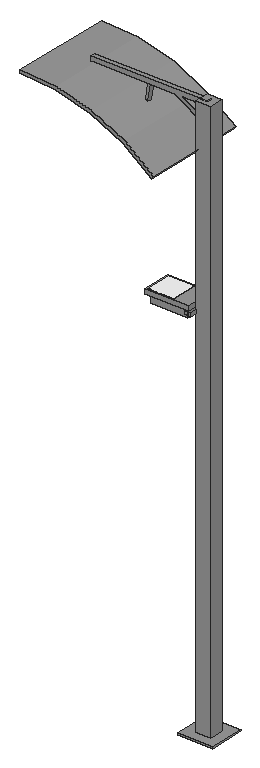
Revit family "svetilnik_alfresco_solyaris-3", category Осветительные приборы, Revit 2016 (continued)
Definition of nested family "Солярис3"
  Types (3, lengths in mm): name | Photometric Web File | built-in parameter 1150105 | Lumens | built-in parameter 1150106 | built-in parameter 1150142 | Wattage
    Солярис3-150Вт | "Солярис-3-150W.ies" | 1498.8 (stored number, unit not read) | 13500 lm | 14.988 (stored number, unit not read) | "IESNA:LM-63-2002\r\n[TEST] -/10.03.12 / АЛ\r\n[TESTLAB] ies2eulumdat.appspot.com\r\n[ISSUEDATE] Wed Mar 22 08:07:34 UTC 2017\r\n[MANUFAC] ALFRESCO\r\n[LUMCAT] -\r\n[LUMINAIRE] Солярис 3\r\n[LAMPCAT] UM 150\r\n[LAMP] UM 150\r\nTILT=NONE\r\n1\t13000\t1\t37\t24\t1\t2\t-1.000\t-1.000\t0\r\n1.0\t1.0\t150.00\r\n0\t 5\t 10\t 15\t 20\t 25\t 30\t 35\t 40\t 45\r\n50\t 55\t 60\t 65\t 70\t 75\t 80\t 85\t 90\t 95\r\n100\t 105\t 110\t 115\t 120\t 125\t 130\t 135\t 140\t 145\r\n150\t 155\t 160\t 165\t 170\t 175\t 180\r\n0\t 15\t 30\t 45\t 60\t 75\t 90\t 105\t 120\t 135\r\n150\t 165\t 180\t 195\t 210\t 225\t 240\t 255\t 270\t 285\r\n300\t 315\t 330\t 345\r\n822.887\t789.945\t812.63\t865.384\t893.074\t899.041\t894.985\t873.496\t849.862\t808.808\r\n755.573\t686.335\t603.499\t513.019\t418.964\t319.891\t221.767\t121.9894\t33.8988\t10.9815\r\n43.2094\t110.0528\t207.207\t338.754\t510.874\t730.743\t402.727\t3.1034\t5.0132\t3.5808\r\n3.3422\t3.8197\t4.7745\t5.9682\t6.6843\t6.923\t6.6843\r\n822.887\t789.594\t801.762\t871.286\t911.118\t929.643\t941.005\t933.621\t921.869\t895.57\r\n854.815\t798.096\t725.218\t643.305\t556.322\t462.176\t369.655\t272.974\t177.684\t87.4055\r\n53.1245\t107.3787\t199.433\t324.233\t488.696\t706.121\t794.976\t67.4167\t4.7904\t2.992\r\n3.2308\t3.9309\t4.8541\t5.7772\t6.923\t6.6843\t6.6843\r\n822.887\t862.719\t883.155\t971.139\t1024.868\t1059.149\t1084.473\t1087.45\t1087.71\t1071.382\r\n1038.752\t988.416\t921.791\t841.035\t753.064\t657.397\t560.742\t457.847\t355.004\t255.541\r\n180.804\t150.93\t219.128\t351.507\t526.968\t760.253\t1046.864\t492.024\t5.1784\t3.2136\r\n3.7094\t4.4622\t5.2152\t6.4455\t7.1802\t7.1802\t6.6843\r\n822.887\t865.189\t910.975\t1002.144\t1065.961\t1111.37\t1145.599\t1158.755\t1170.507\t1163.266\r\n1142.245\t1100.645\t1042.951\t972.322\t891.319\t800.371\t708.656\t607.282\t505.18\t405.73\r\n328.835\t282.373\t269.438\t362.219\t534.664\t764.023\t1049.529\t964.301\t5.6927\t3.7094\r\n3.7094\t4.9581\t5.4539\t6.1885\t7.1802\t7.1802\t6.6843\r\n822.887\t864.825\t932.763\t1032.772\t1100.684\t1150.76\t1191.918\t1211.99\t1230.606\t1232.868\r\n1217.775\t1187.043\t1137.006\t1074.333\t999.739\t912.769\t823.563\t725.426\t625.547\t527.631\r\n450.502\t401.622\t377.936\t398.411\t543.998\t771.407\t1051.687\t1282.203\t89.999\t3.7094\r\n4.4622\t4.4622\t5.1969\t6.1884\t6.6842\t6.6842\t6.6842\r\n822.887\t900.575\t984.906\t1100.333\t1167.179\t1222.455\t1267.448\t1291.355\t1313.39\t1319.63\r\n1309.49\t1283.893\t1238.393\t1178.229\t1104.961\t1017.289\t928.85\t829.881\t729.092\t629.096\r\n550.68\t499.772\t474.838\t478.439\t581.529\t811.369\t1098.019\t1440.4\t193.323\t3.5992\r\n4.1133\t4.6275\t5.1418\t6.4272\t6.6842\t6.6842\t6.6842\r\n822.887\t906.49\t990.301\t1112.163\t1177.462\t1229.904\t1275.664\t1299.831\t1326\t1332.63\r\n1326\t1301.82\t1258.192\t1199.055\t1127.074\t1042.236\t955.331\t858.676\t759.954\t659.685\r\n582.049\t531.141\t505.427\t506.974\t588.731\t813.943\t1097.759\t1443.26\t303.875\t3.5992\r\n3.5992\t4.1133\t4.6275\t6.1701\t6.6842\t6.6842\t6.6842\r\n822.887\t900.575\t984.906\t1100.333\t1167.179\t1222.455\t1267.448\t1291.355\t1313.39\t1319.63\r\n1309.49\t1283.893\t1238.393\t1178.229\t1104.961\t1017.289\t928.85\t829.881\t729.092\t629.096\r\n550.68\t499.772\t474.838\t478.439\t581.529\t811.369\t1098.019\t1440.4\t193.323\t3.5992\r\n4.1133\t4.6275\t5.1418\t6.4272\t6.6842\t6.6842\t6.6842\r\n822.887\t864.825\t932.763\t1032.772\t1100.684\t1150.76\t1191.918\t1211.99\t1230.606\t1232.868\r\n1217.775\t1187.043\t1137.006\t1074.333\t999.739\t912.769\t823.563\t725.426\t625.547\t527.631\r\n450.502\t401.622\t377.936\t398.411\t543.998\t771.407\t1051.687\t1282.203\t89.999\t3.7094\r\n4.4622\t4.4622\t5.1969\t6.1884\t6.6842\t6.6842\t6.6842\r\n822.887\t865.189\t910.975\t1002.144\t1065.961\t1111.37\t1145.599\t1158.755\t1170.507\t1163.266\r\n1142.245\t1100.645\t1042.951\t972.322\t891.319\t800.371\t708.656\t607.282\t505.18\t405.73\r\n328.835\t282.373\t269.438\t362.219\t534.664\t764.023\t1049.529\t964.301\t5.6927\t3.7094\r\n3.7094\t4.9581\t5.4539\t6.1885\t7.1802\t7.1802\t6.6843\r\n822.887\t862.719\t883.155\t971.139\t1024.868\t1059.149\t1084.473\t1087.45\t1087.71\t1071.382\r\n1038.752\t988.416\t921.791\t841.035\t753.064\t657.397\t560.742\t457.847\t355.004\t255.541\r\n180.804\t150.93\t219.128\t351.507\t526.968\t760.253\t1046.864\t492.024\t5.1784\t3.2136\r\n3.7094\t4.4622\t5.2152\t6.4455\t7.1802\t7.1802\t6.6843\r\n822.887\t789.594\t801.762\t871.286\t911.118\t929.643\t941.005\t933.621\t921.869\t895.57\r\n854.815\t798.096\t725.218\t643.305\t556.322\t462.176\t369.655\t272.974\t177.684\t87.4055\r\n53.1245\t107.3787\t199.433\t324.233\t488.696\t706.121\t794.976\t67.4167\t4.7904\t2.992\r\n3.2308\t3.9309\t4.8541\t5.7772\t6.923\t6.6843\t6.6843\r\n822.887\t789.945\t812.63\t865.384\t893.074\t899.041\t894.985\t873.496\t849.862\t808.808\r\n755.573\t686.335\t603.499\t513.019\t418.964\t319.891\t221.767\t121.9894\t33.8988\t10.9815\r\n43.2094\t110.0528\t207.207\t338.754\t510.874\t730.743\t402.727\t3.1034\t5.0132\t3.5808\r\n3.3422\t3.8197\t4.7745\t5.9682\t6.6843\t6.923\t6.6843\r\n822.887\t776.815\t795.444\t831.012\t843.661\t837.694\t817.167\t780.403\t741.481\t690.404\r\n626.184\t547.157\t459.55\t365.729\t268.567\t168.298\t71.8575\t8.833\t3.1034\t9.7878\r\n43.4486\t112.2017\t212.459\t346.866\t522.574\t546.208\t53.7134\t2.8647\t4.297\t3.8197\r\n3.1034\t3.8197\t4.7745\t5.9682\t6.9232\t6.6843\t6.6843\r\n822.887\t830.401\t837.343\t854.828\t852.514\t833.235\t798.785\t745.823\t688.493\t620.36\r\n541.437\t449.397\t351.442\t247.832\t140.881\t40.6198\t3.3422\t3.3422\t3.3422\t10.7979\r\n48.3327\t124.4334\t234.975\t381.784\t557.635\t262.223\t7.9699\t3.085\t4.1135\t4.3706\r\n3.3422\t3.8563\t5.1418\t6.4273\t6.9415\t7.1986\t6.6843\r\n822.887\t825.786\t821.405\t819.871\t801.619\t767.676\t721.656\t660.985\t594.659\t515.983\r\n428.051\t332.163\t231.374\t126.7474\t29.822\t3.3422\t3.3422\t2.828\t3.085\t10.5408\r\n49.1049\t127.0035\t238.836\t386.659\t386.412\t42.1629\t7.9699\t3.085\t3.8563\t4.1135\r\n3.085\t3.8563\t5.1419\t6.1702\t7.1986\t7.1986\t6.6843\r\n822.887\t855.543\t840.84\t823.602\t790.413\t742.313\t682.071\t610.337\t534.3\t449.176\r\n355.238\t254.02\t149.071\t43.9842\t3.4922\t2.9566\t2.4209\t2.4209\t2.678\t9.341\r\n47.0262\t130.143\t249.717\t402.298\t214.136\t9.3625\t8.0556\t3.235\t3.5135\t3.7279\r\n3.2136\t3.7492\t5.099\t6.4273\t7.4985\t7.4985\t6.6845\r\n822.887\t850.889\t829.582\t803.933\t760.266\t703.443\t634.595\t556.907\t476.008\t387.088\r\n292.526\t192.621\t90.0471\t8.5055\t3.2136\t2.3995\t2.1424\t1.8639\t2.1424\t4.5419\r\n21.1237\t69.2432\t174.135\t327.015\t103.8011\t9.1055\t9.1055\t3.2136\t3.7492\t3.235\r\n3.2136\t3.7492\t5.0775\t6.4273\t7.4985\t7.4985\t6.6845\r\n822.887\t883.454\t859.508\t829.426\t780.403\t716.352\t642.824\t559.819\t473.473\t381.004\r\n281.853\t179.361\t74.0857\t3.8992\t3.3422\t2.2281\t2.2281\t1.671\t1.671\t2.2281\r\n3.3422\t6.6845\t16.1538\t39.5486\t4.4563\t8.3555\t8.9125\t3.3422\t3.8992\t2.7851\r\n3.3422\t3.8992\t5.0133\t6.6845\t7.7984\t7.7984\t6.6845\r\n822.887\t850.889\t829.582\t803.933\t760.266\t703.443\t634.595\t556.907\t476.008\t387.088\r\n292.526\t192.621\t90.0471\t8.5055\t3.2136\t2.3995\t2.1424\t1.8639\t2.1424\t4.5419\r\n21.1237\t69.2432\t174.135\t327.015\t103.8011\t9.1055\t9.1055\t3.2136\t3.7492\t3.235\r\n3.2136\t3.7492\t5.0775\t6.4273\t7.4985\t7.4985\t6.6845\r\n822.887\t855.543\t840.84\t823.602\t790.413\t742.313\t682.071\t610.337\t534.3\t449.176\r\n355.238\t254.02\t149.071\t43.9842\t3.4922\t2.9566\t2.4209\t2.4209\t2.678\t9.341\r\n47.0262\t130.143\t249.717\t402.298\t214.136\t9.3625\t8.0556\t3.235\t3.5135\t3.7279\r\n3.2136\t3.7492\t5.099\t6.4273\t7.4985\t7.4985\t6.6845\r\n822.887\t825.786\t821.405\t819.871\t801.619\t767.676\t721.656\t660.985\t594.659\t515.983\r\n428.051\t332.163\t231.374\t126.7474\t29.822\t3.3422\t3.3422\t2.828\t3.085\t10.5408\r\n49.1049\t127.0035\t238.836\t386.659\t386.412\t42.1629\t7.9699\t3.085\t3.8563\t4.1135\r\n3.085\t3.8563\t5.1419\t6.1702\t7.1986\t7.1986\t6.6843\r\n822.887\t830.401\t837.343\t854.828\t852.514\t833.235\t798.785\t745.823\t688.493\t620.36\r\n541.437\t449.397\t351.442\t247.832\t140.881\t40.6198\t3.3422\t3.3422\t3.3422\t10.7979\r\n48.3327\t124.4334\t234.975\t381.784\t557.635\t262.223\t7.9699\t3.085\t4.1135\t4.3706\r\n3.3422\t3.8563\t5.1418\t6.4273\t6.9415\t7.1986\t6.6843\r\n822.887\t776.815\t795.444\t831.012\t843.661\t837.694\t817.167\t780.403\t741.481\t690.404\r\n626.184\t547.157\t459.55\t365.729\t268.567\t168.298\t71.8575\t8.833\t3.1034\t9.7878\r\n43.4486\t112.2017\t212.459\t346.866\t522.574\t546.208\t53.7134\t2.8647\t4.297\t3.8197\r\n3.1034\t3.8197\t4.7745\t5.9682\t6.9232\t6.6843\t6.6843" | 90.8834 W
    Солярис3-70Вт | "Солярис-3-70W.ies" | 1686.9 (stored number, unit not read) | 6300 lm | 16.869 (stored number, unit not read) | "IESNA:LM-63-2002\r\n[TEST] 10.03.12\r\n[TESTLAB] \r\n[ISSUEDATE] Wed Mar 22 08:07:34 UTC 2017\r\n[MANUFAC] ALFRESCO\r\n[LUMCAT] \r\n[LUMINAIRE] Солярис 3\r\n[LAMPCAT] UM 70W\r\n[LAMP] МГЛ UM 70W\r\nTILT=NONE\r\n1\t5390\t1\t37\t24\t1\t2\t-1.000\t-1.000\t0\r\n1.0\t1.0\t70\r\n0\t 5\t 10\t 15\t 20\t 25\t 30\t 35\t 40\t 45\r\n50\t 55\t 60\t 65\t 70\t 75\t 80\t 85\t 90\t 95\r\n100\t 105\t 110\t 115\t 120\t 125\t 130\t 135\t 140\t 145\r\n150\t 155\t 160\t 165\t 170\t 175\t 180\r\n0\t 15\t 30\t 45\t 60\t 75\t 90\t 105\t 120\t 135\r\n150\t 165\t 180\t 195\t 210\t 225\t 240\t 255\t 270\t 285\r\n300\t 315\t 330\t 345\r\n822.887\t789.945\t812.63\t865.384\t893.074\t899.041\t894.985\t873.496\t849.862\t808.808\r\n755.573\t686.335\t603.499\t513.019\t418.964\t319.891\t221.767\t121.9894\t33.8988\t10.9815\r\n43.2094\t110.0528\t207.207\t338.754\t510.874\t730.743\t402.727\t3.1034\t5.0132\t3.5808\r\n3.3422\t3.8197\t4.7745\t5.9682\t6.6843\t6.923\t6.6843\r\n822.887\t789.594\t801.762\t871.286\t911.118\t929.643\t941.005\t933.621\t921.869\t895.57\r\n854.815\t798.096\t725.218\t643.305\t556.322\t462.176\t369.655\t272.974\t177.684\t87.4055\r\n53.1245\t107.3787\t199.433\t324.233\t488.696\t706.121\t794.976\t67.4167\t4.7904\t2.992\r\n3.2308\t3.9309\t4.8541\t5.7772\t6.923\t6.6843\t6.6843\r\n822.887\t862.719\t883.155\t971.139\t1024.868\t1059.149\t1084.473\t1087.45\t1087.71\t1071.382\r\n1038.752\t988.416\t921.791\t841.035\t753.064\t657.397\t560.742\t457.847\t355.004\t255.541\r\n180.804\t150.93\t219.128\t351.507\t526.968\t760.253\t1046.864\t492.024\t5.1784\t3.2136\r\n3.7094\t4.4622\t5.2152\t6.4455\t7.1802\t7.1802\t6.6843\r\n822.887\t865.189\t910.975\t1002.144\t1065.961\t1111.37\t1145.599\t1158.755\t1170.507\t1163.266\r\n1142.245\t1100.645\t1042.951\t972.322\t891.319\t800.371\t708.656\t607.282\t505.18\t405.73\r\n328.835\t282.373\t269.438\t362.219\t534.664\t764.023\t1049.529\t964.301\t5.6927\t3.7094\r\n3.7094\t4.9581\t5.4539\t6.1885\t7.1802\t7.1802\t6.6843\r\n822.887\t864.825\t932.763\t1032.772\t1100.684\t1150.76\t1191.918\t1211.99\t1230.606\t1232.868\r\n1217.775\t1187.043\t1137.006\t1074.333\t999.739\t912.769\t823.563\t725.426\t625.547\t527.631\r\n450.502\t401.622\t377.936\t398.411\t543.998\t771.407\t1051.687\t1282.203\t89.999\t3.7094\r\n4.4622\t4.4622\t5.1969\t6.1884\t6.6842\t6.6842\t6.6842\r\n822.887\t900.575\t984.906\t1100.333\t1167.179\t1222.455\t1267.448\t1291.355\t1313.39\t1319.63\r\n1309.49\t1283.893\t1238.393\t1178.229\t1104.961\t1017.289\t928.85\t829.881\t729.092\t629.096\r\n550.68\t499.772\t474.838\t478.439\t581.529\t811.369\t1098.019\t1440.4\t193.323\t3.5992\r\n4.1133\t4.6275\t5.1418\t6.4272\t6.6842\t6.6842\t6.6842\r\n822.887\t906.49\t990.301\t1112.163\t1177.462\t1229.904\t1275.664\t1299.831\t1326\t1332.63\r\n1326\t1301.82\t1258.192\t1199.055\t1127.074\t1042.236\t955.331\t858.676\t759.954\t659.685\r\n582.049\t531.141\t505.427\t506.974\t588.731\t813.943\t1097.759\t1443.26\t303.875\t3.5992\r\n3.5992\t4.1133\t4.6275\t6.1701\t6.6842\t6.6842\t6.6842\r\n822.887\t900.575\t984.906\t1100.333\t1167.179\t1222.455\t1267.448\t1291.355\t1313.39\t1319.63\r\n1309.49\t1283.893\t1238.393\t1178.229\t1104.961\t1017.289\t928.85\t829.881\t729.092\t629.096\r\n550.68\t499.772\t474.838\t478.439\t581.529\t811.369\t1098.019\t1440.4\t193.323\t3.5992\r\n4.1133\t4.6275\t5.1418\t6.4272\t6.6842\t6.6842\t6.6842\r\n822.887\t864.825\t932.763\t1032.772\t1100.684\t1150.76\t1191.918\t1211.99\t1230.606\t1232.868\r\n1217.775\t1187.043\t1137.006\t1074.333\t999.739\t912.769\t823.563\t725.426\t625.547\t527.631\r\n450.502\t401.622\t377.936\t398.411\t543.998\t771.407\t1051.687\t1282.203\t89.999\t3.7094\r\n4.4622\t4.4622\t5.1969\t6.1884\t6.6842\t6.6842\t6.6842\r\n822.887\t865.189\t910.975\t1002.144\t1065.961\t1111.37\t1145.599\t1158.755\t1170.507\t1163.266\r\n1142.245\t1100.645\t1042.951\t972.322\t891.319\t800.371\t708.656\t607.282\t505.18\t405.73\r\n328.835\t282.373\t269.438\t362.219\t534.664\t764.023\t1049.529\t964.301\t5.6927\t3.7094\r\n3.7094\t4.9581\t5.4539\t6.1885\t7.1802\t7.1802\t6.6843\r\n822.887\t862.719\t883.155\t971.139\t1024.868\t1059.149\t1084.473\t1087.45\t1087.71\t1071.382\r\n1038.752\t988.416\t921.791\t841.035\t753.064\t657.397\t560.742\t457.847\t355.004\t255.541\r\n180.804\t150.93\t219.128\t351.507\t526.968\t760.253\t1046.864\t492.024\t5.1784\t3.2136\r\n3.7094\t4.4622\t5.2152\t6.4455\t7.1802\t7.1802\t6.6843\r\n822.887\t789.594\t801.762\t871.286\t911.118\t929.643\t941.005\t933.621\t921.869\t895.57\r\n854.815\t798.096\t725.218\t643.305\t556.322\t462.176\t369.655\t272.974\t177.684\t87.4055\r\n53.1245\t107.3787\t199.433\t324.233\t488.696\t706.121\t794.976\t67.4167\t4.7904\t2.992\r\n3.2308\t3.9309\t4.8541\t5.7772\t6.923\t6.6843\t6.6843\r\n822.887\t789.945\t812.63\t865.384\t893.074\t899.041\t894.985\t873.496\t849.862\t808.808\r\n755.573\t686.335\t603.499\t513.019\t418.964\t319.891\t221.767\t121.9894\t33.8988\t10.9815\r\n43.2094\t110.0528\t207.207\t338.754\t510.874\t730.743\t402.727\t3.1034\t5.0132\t3.5808\r\n3.3422\t3.8197\t4.7745\t5.9682\t6.6843\t6.923\t6.6843\r\n822.887\t776.815\t795.444\t831.012\t843.661\t837.694\t817.167\t780.403\t741.481\t690.404\r\n626.184\t547.157\t459.55\t365.729\t268.567\t168.298\t71.8575\t8.833\t3.1034\t9.7878\r\n43.4486\t112.2017\t212.459\t346.866\t522.574\t546.208\t53.7134\t2.8647\t4.297\t3.8197\r\n3.1034\t3.8197\t4.7745\t5.9682\t6.9232\t6.6843\t6.6843\r\n822.887\t830.401\t837.343\t854.828\t852.514\t833.235\t798.785\t745.823\t688.493\t620.36\r\n541.437\t449.397\t351.442\t247.832\t140.881\t40.6198\t3.3422\t3.3422\t3.3422\t10.7979\r\n48.3327\t124.4334\t234.975\t381.784\t557.635\t262.223\t7.9699\t3.085\t4.1135\t4.3706\r\n3.3422\t3.8563\t5.1418\t6.4273\t6.9415\t7.1986\t6.6843\r\n822.887\t825.786\t821.405\t819.871\t801.619\t767.676\t721.656\t660.985\t594.659\t515.983\r\n428.051\t332.163\t231.374\t126.7474\t29.822\t3.3422\t3.3422\t2.828\t3.085\t10.5408\r\n49.1049\t127.0035\t238.836\t386.659\t386.412\t42.1629\t7.9699\t3.085\t3.8563\t4.1135\r\n3.085\t3.8563\t5.1419\t6.1702\t7.1986\t7.1986\t6.6843\r\n822.887\t855.543\t840.84\t823.602\t790.413\t742.313\t682.071\t610.337\t534.3\t449.176\r\n355.238\t254.02\t149.071\t43.9842\t3.4922\t2.9566\t2.4209\t2.4209\t2.678\t9.341\r\n47.0262\t130.143\t249.717\t402.298\t214.136\t9.3625\t8.0556\t3.235\t3.5135\t3.7279\r\n3.2136\t3.7492\t5.099\t6.4273\t7.4985\t7.4985\t6.6845\r\n822.887\t850.889\t829.582\t803.933\t760.266\t703.443\t634.595\t556.907\t476.008\t387.088\r\n292.526\t192.621\t90.0471\t8.5055\t3.2136\t2.3995\t2.1424\t1.8639\t2.1424\t4.5419\r\n21.1237\t69.2432\t174.135\t327.015\t103.8011\t9.1055\t9.1055\t3.2136\t3.7492\t3.235\r\n3.2136\t3.7492\t5.0775\t6.4273\t7.4985\t7.4985\t6.6845\r\n822.887\t883.454\t859.508\t829.426\t780.403\t716.352\t642.824\t559.819\t473.473\t381.004\r\n281.853\t179.361\t74.0857\t3.8992\t3.3422\t2.2281\t2.2281\t1.671\t1.671\t2.2281\r\n3.3422\t6.6845\t16.1538\t39.5486\t4.4563\t8.3555\t8.9125\t3.3422\t3.8992\t2.7851\r\n3.3422\t3.8992\t5.0133\t6.6845\t7.7984\t7.7984\t6.6845\r\n822.887\t850.889\t829.582\t803.933\t760.266\t703.443\t634.595\t556.907\t476.008\t387.088\r\n292.526\t192.621\t90.0471\t8.5055\t3.2136\t2.3995\t2.1424\t1.8639\t2.1424\t4.5419\r\n21.1237\t69.2432\t174.135\t327.015\t103.8011\t9.1055\t9.1055\t3.2136\t3.7492\t3.235\r\n3.2136\t3.7492\t5.0775\t6.4273\t7.4985\t7.4985\t6.6845\r\n822.887\t855.543\t840.84\t823.602\t790.413\t742.313\t682.071\t610.337\t534.3\t449.176\r\n355.238\t254.02\t149.071\t43.9842\t3.4922\t2.9566\t2.4209\t2.4209\t2.678\t9.341\r\n47.0262\t130.143\t249.717\t402.298\t214.136\t9.3625\t8.0556\t3.235\t3.5135\t3.7279\r\n3.2136\t3.7492\t5.099\t6.4273\t7.4985\t7.4985\t6.6845\r\n822.887\t825.786\t821.405\t819.871\t801.619\t767.676\t721.656\t660.985\t594.659\t515.983\r\n428.051\t332.163\t231.374\t126.7474\t29.822\t3.3422\t3.3422\t2.828\t3.085\t10.5408\r\n49.1049\t127.0035\t238.836\t386.659\t386.412\t42.1629\t7.9699\t3.085\t3.8563\t4.1135\r\n3.085\t3.8563\t5.1419\t6.1702\t7.1986\t7.1986\t6.6843\r\n822.887\t830.401\t837.343\t854.828\t852.514\t833.235\t798.785\t745.823\t688.493\t620.36\r\n541.437\t449.397\t351.442\t247.832\t140.881\t40.6198\t3.3422\t3.3422\t3.3422\t10.7979\r\n48.3327\t124.4334\t234.975\t381.784\t557.635\t262.223\t7.9699\t3.085\t4.1135\t4.3706\r\n3.3422\t3.8563\t5.1418\t6.4273\t6.9415\t7.1986\t6.6843\r\n822.887\t776.815\t795.444\t831.012\t843.661\t837.694\t817.167\t780.403\t741.481\t690.404\r\n626.184\t547.157\t459.55\t365.729\t268.567\t168.298\t71.8575\t8.833\t3.1034\t9.7878\r\n43.4486\t112.2017\t212.459\t346.866\t522.574\t546.208\t53.7134\t2.8647\t4.297\t3.8197\r\n3.1034\t3.8197\t4.7745\t5.9682\t6.9232\t6.6843\t6.6843" | 42.4123 W
  Reference planes
    plane 1 "По центру (Вперед/Назад)": y = 0
    plane 2: z = 0
    plane 3 "По центру (Влево/Вправо)": x = 0
  Forms (mm)
    Extrusion 1, solid, detail levels medium+fine
      sketch origin (0, 0, -3900) x (0, 1, 0) y (0, 0, -1)
        loop
          line (15, -3900) -> (15, -3870) -> (-15, -3870) -> (-15, -3900) -> (15, -3900)
      from -800 to 0
    Extrusion 2, solid, detail levels medium+fine
      sketch origin (-8.825, 0, -3900) x (-1, 0, 0) y (0, 0, -1)
        loop
          arc (-1026.825, -3881.206) -> (-533.505, -3803.925) -> (-105.926, -3546.026) r 1297.207
          line (-105.926, -3546.026) -> (-119.056, -3532.897)
          arc (-119.056, -3532.897) -> (-541.107, -3785.408) -> (-1026.825, -3862.656) r 1297.207
          line (-1026.825, -3862.656) -> (-1026.825, -3881.206)
      from -350 to 350
    Sweep 3, solid, detail levels medium+fine
      path origin (0, 0, -3900) x (-1, 0, 0) y (0, 0, 1)
        loop
          line (-397.072, 3886.605) -> (-419.97, 3756.747)
      profile origin (408.521, 0, -78.324) x (0.984808, 0, 0.173648) y (0, -1, 0)
        loop
          line (10, -10) -> (10, 10) -> (-10, 10) -> (-10, -10) -> (10, -10)
    Sweep 4, solid, detail levels medium+fine
      path origin (0, 0, -3900) x (-1, 0, 0) y (0, 0, 1)
        loop
          line (-220.836, 3876.123) -> (0, 3748.623)
      profile origin (110.418, 0, -87.627) x (0.5, 0, -0.866025) y (0, -1, 0)
        loop
          line (-22.67, -15) -> (7.33, -15) -> (7.33, 15) -> (-22.67, 15) -> (-22.67, -15)
  Cuts and joins
    joined: Extrusion 1, Extrusion 2, Sweep 3, Sweep 4
  Dimensions and locks
    aligned and locked: level to plane 2
    aligned and locked: plane 1 "По центру (Вперед/Назад)" to imposter light
Types (5, lengths in mm): name | Тип светильника | Солярис 3-2 | Световой поток | Полная установленная мощность | ADSK_Ток | ADSK_Размер_Длина | ADSK_Полная мощность | ADSK_Номинальная мощность | ADSK_Наименование | ADSK_Масса | ADSK_Артикул
  (no name) | Солярис3 : Солярис3-70Вт | no | 6300 lm | 72.1649 VA | 0.231947 A | 1118.00 | 72.1649 VA | 70 W | "Солярис-3-1 — опора освещения Солярис-3-1-10 ЧС и прожектор 70Вт" | 59 | "1123000900"
  Солярис-3-2-10 ЧС и прожектор 70Вт | Солярис3 : Солярис3-70Вт | yes | 12600 lm | 144.33 VA | 0.463894 A | 2136.00 | 144.33 VA | 140 W | "Солярис-3-2 — опора освещения Солярис-3-2-10 ЧС и прожектор 70Вт" | 78 | "1123000880"
  Солярис-3-2-10 ЧС и прожектор 150Вт | Солярис3 : Солярис3-150Вт | yes | 27000 lm | 309.278 VA | 0.994058 A | 2136.00 | 309.278 VA | 300 W | "Солярис-3-2 — опора освещения Солярис-3-2-10 ЧС и прожектор 150Вт" | 80 | "1123000890"
  Солярис-3-1-10 ЧС и прожектор 70Вт | Солярис3 : Солярис3-70Вт | no | 6300 lm | 72.1649 VA | 0.231947 A | 1118.00 | 72.1649 VA | 70 W | "Солярис-3-1 — опора освещения Солярис-3-1-10 ЧС и прожектор 70Вт" | 59 | "1123000900"
  Солярис-3-1-10 ЧС и прожектор 150Вт | Солярис3 : Солярис3-150Вт | no | 13500 lm | 154.639 VA | 0.497029 A | 1118.00 | 154.639 VA | 150 W | "Солярис-3-1 — опора освещения Солярис-3-1-10 ЧС и прожектор 70Вт" | 61 | "1123000910"
